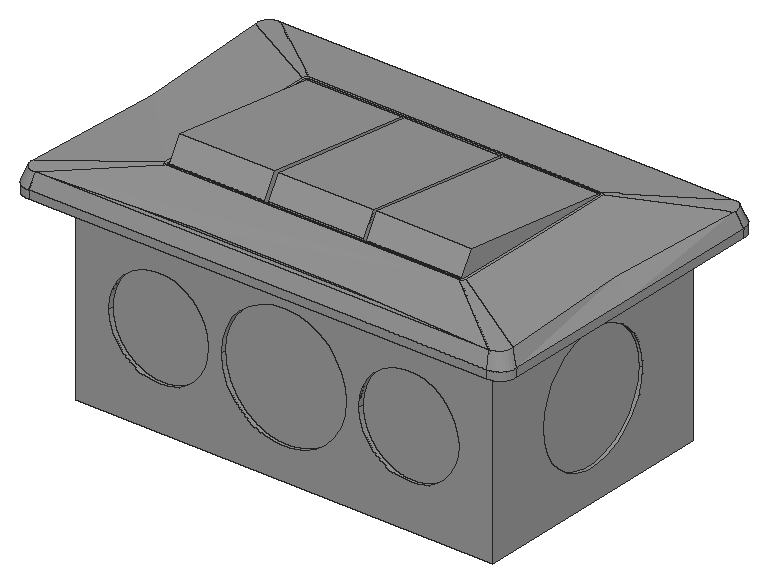
Revit family "PLACA VETO OSLO", category Electrical Fixtures, host Face, Revit 2023 (continued)
Lines and regions (mm)
  model lines, visible <- "TELF ROTESP SIMB COL", not visible, detail levels coarse
    curve 443: line (0, 16.898, 244.879) -> (0, 77.172, 244.879)
    curve 444: line (0, 77.172, 244.879) -> (0, 77.172, 267.732)
    curve 445: line (0, 16.898, 244.879) -> (0, 16.898, 252.414)
    curve 446: line (0, 16.898, 252.414) -> (0, 41.384, 252.414)
    curve 447: line (0, 41.384, 252.414) -> (0, 41.384, 267.732)
    curve 448: line (0, 48.916, 268.916) -> (0, 48.916, 252.414)
    curve 449: line (0, 48.916, 252.414) -> (0, 69.742, 252.414)
    curve 450: line (0, 69.742, 252.414) -> (0, 69.742, 268.916)
    curve 451: spline (0, 77.172, 267.732) -> (0, 76.562, 273.474) -> (0, 74.774, 278.824) -> (0, 71.931, 283.418) -> (0, 68.225, 286.943) -> (0, 63.909, 289.159) -> (0, 59.278, 289.915) -> (0, 54.647, 289.159) -> (0, 50.331, 286.943) -> (0, 46.625, 283.418) -> (0, 43.781, 278.824) -> (0, 41.994, 273.474) -> (0, 41.384, 267.732)
    curve 452: spline (0, 48.916, 268.916) -> (0, 49.271, 272.299) -> (0, 50.311, 275.452) -> (0, 51.966, 278.159) -> (0, 54.123, 280.237) -> (0, 56.634, 281.542) -> (0, 59.329, 281.988) -> (0, 62.024, 281.542) -> (0, 64.535, 280.237) -> (0, 66.692, 278.159) -> (0, 68.347, 275.452) -> (0, 69.387, 272.299) -> (0, 69.742, 268.916)
    curve 453: line (0, 77.172, 191.368) -> (0, 77.172, 238.457)
    curve 454: line (0, 77.172, 238.457) -> (0, 69.637, 238.457)
    curve 455: line (0, 69.637, 238.457) -> (0, 69.637, 218.679)
    curve 456: line (0, 69.637, 218.679) -> (0, 16.898, 218.679)
    curve 457: line (0, 16.898, 218.679) -> (0, 16.898, 211.145)
    curve 458: line (0, 16.898, 211.145) -> (0, 69.637, 211.145)
    curve 459: line (0, 69.637, 211.145) -> (0, 69.637, 191.368)
    curve 460: line (0, 69.637, 191.368) -> (0, 77.172, 191.368)
    curve 469: line (0, -80, 78) -> (0, -80, 158)
    curve 470: line (0, -80, 158) -> (0, 80, 158)
    curve 471: line (0, 80, 158) -> (0, 80, 78)
    curve 472: line (0, 0, 254) -> (0, 0, 158)
  model lines, visible <- "TELF SIMB COL", not visible, detail levels coarse
    curve 461: line (0, -80, 78) -> (0, -80, 158)
    curve 462: line (0, -80, 158) -> (0, 80, 158)
    curve 463: line (0, 80, 158) -> (0, 80, 78)
    curve 464: line (0, 0, 254) -> (0, 0, 158)
  model lines, visible <- "TELFROT SIMB COL", not visible, detail levels coarse
    curve 465: line (0, -80, 78) -> (0, -80, 158)
    curve 466: line (0, -80, 158) -> (0, 80, 158)
    curve 467: line (0, 80, 158) -> (0, 80, 78)
    curve 468: line (0, 0, 254) -> (0, 0, 158)
  model lines, visible <- "TELF SIMB MEX", detail levels coarse
    curve 477: circle (0, 0, 158) r 100 normal (1, 0, 0)
    curve 478: line (0, -69.466, 229.934) -> (0, -69.466, 86.066)
    curve 479: line (0, 100, 158) -> (0, -69.466, 229.934)
    curve 480: line (0, -69.466, 86.066) -> (0, 100, 158)
  model lines, visible <- "TELF SIMB MEX", not visible, detail levels coarse
    curve 481: circle (0, 0, 158) r 100 normal (1, 0, 0)
    curve 482: line (0, -69.466, 229.934) -> (0, -69.466, 86.066)
    curve 483: line (0, 100, 158) -> (0, -69.466, 229.934)
    curve 484: line (0, -69.466, 86.066) -> (0, 100, 158)
  model lines, visible <- "TV SIMB ECU", detail levels coarse
    curve 485: line (0, -80, 238) -> (0, 0, 238)
    curve 486: line (0, 0, 238) -> (0, 0, 78)
    curve 487: line (0, 0, 78) -> (0, -80, 78)
    curve 488: line (0, 0, 158) -> (0, 96, 158)
    curve 489: line (0, 96, 158) -> (0, 96, 238)
  model lines, visible <- "TVROT SIMB ECU", detail levels coarse
    curve 490: line (0, -80, 238) -> (0, 0, 238)
    curve 491: line (0, 0, 238) -> (0, 0, 78)
    curve 492: line (0, 0, 78) -> (0, -80, 78)
    curve 493: line (0, 0, 158) -> (0, 96, 158)
    curve 494: line (0, 96, 158) -> (0, 96, 238)
  model lines, visible <- "TVESP SIMB ECU", detail levels coarse
    curve 495: line (0, -80, 238) -> (0, 0, 238)
    curve 496: line (0, 0, 238) -> (0, 0, 78)
    curve 497: line (0, 0, 78) -> (0, -80, 78)
    curve 498: line (0, 0, 158) -> (0, 96, 158)
    curve 499: line (0, 96, 158) -> (0, 96, 238)
  model lines, visible <- "TV ROTESP SIMB ECU", detail levels coarse
    curve 500: line (0, -80, 238) -> (0, 0, 238)
    curve 501: line (0, 0, 238) -> (0, 0, 78)
    curve 502: line (0, 0, 78) -> (0, -80, 78)
    curve 503: line (0, 0, 158) -> (0, 96, 158)
    curve 504: line (0, 96, 158) -> (0, 96, 238)
  model lines, visible <- "TV SIMB ECU", not visible, detail levels coarse
    curve 505: line (0, 456.935, 200.332) -> (0, 536.935, 200.332)
    curve 506: line (0, 536.935, 200.332) -> (0, 536.935, 40.332)
    curve 507: line (0, 536.935, 40.332) -> (0, 456.935, 40.332)
    curve 508: line (0, 536.935, 120.332) -> (0, 632.935, 120.332)
    curve 509: line (0, 632.935, 120.332) -> (0, 632.935, 200.332)
  model lines, visible <- "TVROT SIMB ECU", not visible, detail levels coarse
    curve 510: line (0, 456.935, 200.332) -> (0, 536.935, 200.332)
    curve 511: line (0, 536.935, 200.332) -> (0, 536.935, 40.332)
    curve 512: line (0, 536.935, 40.332) -> (0, 456.935, 40.332)
    curve 513: line (0, 536.935, 120.332) -> (0, 632.935, 120.332)
    curve 514: line (0, 632.935, 120.332) -> (0, 632.935, 200.332)
  model lines, visible <- "TVESP SIMB ECU", not visible, detail levels coarse
    curve 515: line (0, 456.935, 200.332) -> (0, 536.935, 200.332)
    curve 516: line (0, 536.935, 200.332) -> (0, 536.935, 40.332)
    curve 517: line (0, 536.935, 40.332) -> (0, 456.935, 40.332)
    curve 518: line (0, 536.935, 120.332) -> (0, 632.935, 120.332)
    curve 519: line (0, 632.935, 120.332) -> (0, 632.935, 200.332)
  model lines, visible <- "TV ROTESP SIMB ECU", not visible, detail levels coarse
    curve 520: line (0, 456.935, 200.332) -> (0, 536.935, 200.332)
    curve 521: line (0, 536.935, 200.332) -> (0, 536.935, 40.332)
    curve 522: line (0, 536.935, 40.332) -> (0, 456.935, 40.332)
    curve 523: line (0, 536.935, 120.332) -> (0, 632.935, 120.332)
    curve 524: line (0, 632.935, 120.332) -> (0, 632.935, 200.332)
  model lines, visible <- "SIMB CAJA MEX", detail levels coarse
    curve 525: line (0, -100, 228) -> (0, 100, 228)
    curve 526: line (0, -100, 88) -> (0, -100, 228)
    curve 527: line (0, 100, 88) -> (0, -100, 88)
    curve 528: line (0, 100, 228) -> (0, 100, 88)
    curve 529: line (0, -100, 228) -> (0, 100, 88)
    curve 530: line (0, 100, 228) -> (0, -100, 88)
  model lines, visible <- "SIMB CAJA", detail levels coarse
    curve 531: circle (0, 0, 158) r 100 normal (1, 0, 0)
    curve 532: circle (0, 0, 158) r 30 normal (1, 0, 0)
  model lines, visible <- "SIMB CAJA MEX", not visible, detail levels coarse
    curve 533: line (0, -100, 228) -> (0, 100, 228)
    curve 534: line (0, -100, 88) -> (0, -100, 228)
    curve 535: line (0, 100, 88) -> (0, -100, 88)
    curve 536: line (0, 100, 228) -> (0, 100, 88)
    curve 537: line (0, -100, 228) -> (0, 100, 88)
    curve 538: line (0, 100, 228) -> (0, -100, 88)
  model lines, visible <- "SIMB CAJA", not visible, detail levels coarse
    curve 539: circle (0, 0, 158) r 100 normal (1, 0, 0)
    curve 540: circle (0, 0, 158) r 30 normal (1, 0, 0)
  model lines, visible <- "TV SIMB COL", detail levels coarse
    curve 541: line (0, -80, 75.811) -> (0, -80, 155.811)
    curve 542: line (0, -80, 155.811) -> (0, 80, 155.811)
    curve 543: line (0, 80, 155.811) -> (0, 80, 75.811)
    curve 544: line (0, 0, 251.811) -> (0, 0, 155.811)
  model lines, visible <- "TVROT SIMB COL", detail levels coarse
    curve 545: line (0, -80, 75.811) -> (0, -80, 155.811)
    curve 546: line (0, -80, 155.811) -> (0, 80, 155.811)
    curve 547: line (0, 80, 155.811) -> (0, 80, 75.811)
    curve 548: line (0, 0, 251.811) -> (0, 0, 155.811)
  model lines, visible <- "TVESP SIMB COL", detail levels coarse
    curve 549: line (0, -80, 75.811) -> (0, -80, 155.811)
    curve 550: line (0, -80, 155.811) -> (0, 80, 155.811)
    curve 551: line (0, 80, 155.811) -> (0, 80, 75.811)
    curve 552: line (0, 0, 251.811) -> (0, 0, 155.811)
  model lines, visible <- "TV ROTESP SIMB COL", detail levels coarse
    curve 553: line (0, -80, 75.811) -> (0, -80, 155.811)
    curve 554: line (0, -80, 155.811) -> (0, 80, 155.811)
    curve 555: line (0, 80, 155.811) -> (0, 80, 75.811)
    curve 556: line (0, 0, 251.811) -> (0, 0, 155.811)
  model lines, visible <- "TV SIMB MEX", detail levels coarse
    curve 557: circle (0, 0, 158) r 100 normal (1, 0, 0)
  model lines, visible <- "TV SIMB COL", not visible, detail levels coarse
    curve 558: line (0, 298.25, 78) -> (0, 298.25, 158)
    curve 559: line (0, 298.25, 158) -> (0, 458.25, 158)
    curve 560: line (0, 458.25, 158) -> (0, 458.25, 78)
    curve 561: line (0, 378.25, 254) -> (0, 378.25, 158)
  model lines, visible <- "TVROT SIMB COL", not visible, detail levels coarse
    curve 562: line (0, 298.25, 78) -> (0, 298.25, 158)
    curve 563: line (0, 298.25, 158) -> (0, 458.25, 158)
    curve 564: line (0, 458.25, 158) -> (0, 458.25, 78)
    curve 565: line (0, 378.25, 254) -> (0, 378.25, 158)
  model lines, visible <- "TVESP SIMB COL", not visible, detail levels coarse
    curve 566: line (0, 298.25, 78) -> (0, 298.25, 158)
    curve 567: line (0, 298.25, 158) -> (0, 458.25, 158)
    curve 568: line (0, 458.25, 158) -> (0, 458.25, 78)
    curve 569: line (0, 378.25, 254) -> (0, 378.25, 158)
  model lines, visible <- "TV ROTESP SIMB COL", not visible, detail levels coarse
    curve 570: line (0, 298.25, 78) -> (0, 298.25, 158)
    curve 571: line (0, 298.25, 158) -> (0, 458.25, 158)
    curve 572: line (0, 458.25, 158) -> (0, 458.25, 78)
    curve 573: line (0, 378.25, 254) -> (0, 378.25, 158)
  model lines, visible <- "TVROT SIMB MEX", detail levels coarse
    curve 574: circle (0, 0, 158) r 100 normal (1, 0, 0)
  model lines, visible <- "TVESP SIMB MEX", detail levels coarse
    curve 575: circle (0, 0, 158) r 100 normal (1, 0, 0)
  model lines, visible <- "TV ROTESP SIMB MEX", detail levels coarse
    curve 576: circle (0, 0, 158) r 100 normal (1, 0, 0)
  model lines, visible <- "TV SIMB MEX", not visible, detail levels coarse
    curve 577: circle (0, 942.25, 158) r 100 normal (1, 0, 0)
  model lines, visible <- "TVROT SIMB MEX", not visible, detail levels coarse
    curve 578: circle (0, 942.25, 158) r 100 normal (1, 0, 0)
  model lines, visible <- "TVESP SIMB MEX", not visible, detail levels coarse
    curve 579: circle (0, 942.25, 158) r 100 normal (1, 0, 0)
  model lines, visible <- "TV ROTESP SIMB MEX", not visible, detail levels coarse
    curve 580: circle (0, 942.25, 158) r 100 normal (1, 0, 0)
Dimensions and locks
  "CAJETIN - LONGITUD": plane 4 to plane 5
  "CAJETIN - ESPESOR": plane 12 to plane 6
  "CAJETIN - ESPESOR": plane 4 to plane 11
  "CAJETIN - ESPESOR": plane 7 to plane 9
  "CAJETIN - ESPESOR": plane 8 to plane 13
  equal spacing: plane 21, plane 3 "Center (Left/Right)", plane 22
  equal spacing: plane 23, plane 1 "Center (Front/Back)", plane 24
  "PLACA - ANCHO": plane 23 to plane 24
  "PLACA - LONGITUD": plane 21 to plane 22
  equal spacing: plane 28, plane 3 "Center (Left/Right)", plane 27
  equal spacing: plane 26, plane 1 "Center (Front/Back)", plane 29
  equal spacing: plane 7, plane 1 "Center (Front/Back)", plane 6
  equal spacing: plane 4, plane 3 "Center (Left/Right)", plane 5
  equal spacing: plane 31, plane 1 "Center (Front/Back)", plane 32
  equal spacing: plane 34, plane 3 "Center (Left/Right)", plane 33
  "ABERTURA - LONGITUD": plane 34 to plane 33
  "ABERTURA - ANCHO": plane 31 to plane 32
  equal spacing: plane 35, plane 1 "Center (Front/Back)", plane 36
  equal spacing: plane 39, plane 3 "Center (Left/Right)", plane 40
  "PLACA - ESPESOR": plane 2 to plane 41
  "OFFSET_1": plane 23 to plane 26
  "OFFSET_1": plane 21 to plane 28
  "OFFSET": plane 33 to plane 40
  "OFFSET": plane 35 to plane 31
  "SEP": Extrusion 10 sketch curve to Extrusion 10 sketch curve  (x2)
  equal spacing: plane 10, plane 17, plane 5
  equal spacing: plane 4, plane 18, plane 11
  "CAJETIN - ESPESOR": plane 10 to plane 5
  equal spacing: plane 12, plane 14, plane 6
  equal spacing: plane 7, plane 19, plane 9
  "CAJETIN - ANCHO": plane 7 to plane 6
  equal spacing: plane 43, plane 3 "Center (Left/Right)", plane 42
  "SEP": plane 3 "Center (Left/Right)" to plane 42
  equal spacing: plane 8, plane 20, plane 13
  "CAJETIN - PROFUNDIDAD": plane 8 to plane 2
  equal spacing: plane 8, plane 16, plane 2
  equal spacing: plane 45, plane 3 "Center (Left/Right)", plane 44
  equal spacing: plane 33, plane 3 "Center (Left/Right)", plane 34
  equal spacing: plane 47 "Plano3", plane 3 "Center (Left/Right)", plane 46 "Plano2"
  equal spacing: plane 49, plane 1 "Center (Front/Back)", plane 50
  equal spacing: plane 54, plane 1 "Center (Front/Back)", plane 53
  equal spacing: plane 55, plane 3 "Center (Left/Right)", plane 52
  curve 270 to plane 1 "Center (Front/Back)" = 96.0 mm
  "OFFSET_3": plane 26 to Blend 8 sketch curve
  "OFFSET_3": Blend 8 sketch curve to plane 27
  "OFFSET_3": Blend 8 sketch curve to plane 29
  "OFFSET_3": plane 28 to Blend 8 sketch curve
  "ESPESOR_1": plane 25 to plane 2
  "ESPESOR_2": plane 30 "PLANO 1" to plane 25
  "OFFSET_3": plane 26 to Blend 11 sketch curve
  "OFFSET_3": plane 28 to Blend 11 sketch curve
  "OFFSET_3": Blend 11 sketch curve to plane 29
  "OFFSET_3": Blend 11 sketch curve to plane 27
  "R_C_1/2": radius of Extrusion 2 sketch curve  (x2)
  "R_C_3/4": radius of Extrusion 2 sketch curve
  "R_C_3/4": radius of Extrusion 5 sketch curve
  "RADIO_1": radius of Extrusion 7 sketch curve  (x4)
  "RADIO_1": radius of Blend 8 sketch curve  (x4)
  "R_C_3/4": radius of Extrusion 3 sketch curve
  "R_C_1/2": radius of Extrusion 3 sketch curve  (x2)
  "R_C_3/4": radius of Extrusion 6 sketch curve
  "RADIO_3": radius of Extrusion 9 sketch curve  (x4)
  "RADIO_4": radius of Blend 8 sketch curve  (x4)
  "RADIO_4": radius of Blend 11 sketch curve  (x4)
  "RADIO_2": radius of Blend 11 sketch curve  (x4)
  "RADIO_1": radius of Extrusion 12 sketch curve  (x4)
  "RADIO_1": radius of Blend 13 sketch curve  (x4)
  "RADIO_4": radius of Blend 13 sketch curve  (x4)
  "RADIO_4": radius of Blend 14 sketch curve  (x4)
  "RADIO_2": radius of Blend 14 sketch curve  (x4)
  locked: plane 51 to plane 56 (angle 90.00°)
  locked: plane 48 to plane 51 (angle 40.00°)
  aligned and locked: plane 2 to host face
  aligned and locked: level to host face
  aligned and locked: plane 7 to Extrusion 1
  aligned and locked: plane 5 to Extrusion 1
  aligned and locked: Extrusion 1 to plane 6
  aligned and locked: Extrusion 1 to plane 4
  aligned and locked: plane 8 to Extrusion 1
  aligned and locked: plane 11 to Extrusion 4 sketch curve
  aligned and locked: Extrusion 4 sketch curve to plane 10
  aligned and locked: Extrusion 4 sketch curve to plane 9
  aligned and locked: plane 12 to Extrusion 4 sketch curve
  aligned and locked: cut or joined group of Extrusion 1, Extrusion 2, Extrusion 3, Extrusion 4, Extrusion 5, Extrusion 6, Extrusion 10 to plane 13
  aligned and locked: host face to cut or joined group of Extrusion 1, Extrusion 2, Extrusion 3, Extrusion 4, Extrusion 5, Extrusion 6, Extrusion 10
  aligned and locked: plane 16 to Extrusion 5 sketch curve
  aligned and locked: plane 1 "Center (Front/Back)" to Extrusion 5 sketch curve
  aligned and locked: plane 5 to Extrusion 5
  aligned and locked: cut or joined group of Extrusion 1, Extrusion 2, Extrusion 3, Extrusion 4, Extrusion 5, Extrusion 6, Extrusion 10 to plane 17
  aligned and locked: plane 14 to cut or joined group of Extrusion 1, Extrusion 2, Extrusion 3, Extrusion 4, Extrusion 5, Extrusion 6, Extrusion 10
  aligned and locked: plane 18 to cut or joined group of Extrusion 1, Extrusion 2, Extrusion 3, Extrusion 4, Extrusion 5, Extrusion 6, Extrusion 10
  aligned and locked: cut or joined group of Extrusion 1, Extrusion 2, Extrusion 3, Extrusion 4, Extrusion 5, Extrusion 6, Extrusion 10 to plane 19
  aligned and locked: Extrusion 7 sketch curve to plane 23
  aligned and locked: plane 21 to Extrusion 7 sketch curve
  aligned and locked: plane 24 to Extrusion 7 sketch curve
  aligned and locked: Extrusion 7 sketch curve to plane 22
  aligned and locked: Extrusion 7 to plane 2
  aligned and locked: plane 25 to Extrusion 7
  aligned and locked: Blend 8 sketch curve to Extrusion 7  (x4)
  aligned and locked: plane 30 "PLANO 1" to Blend 8
  aligned and locked: Blend 8 to Extrusion 7
  aligned and locked: Extrusion 9 sketch curve to plane 31
  aligned and locked: plane 34 to Extrusion 9 sketch curve
  aligned and locked: plane 32 to Extrusion 9 sketch curve
  aligned and locked: Extrusion 9 sketch curve to plane 33
  aligned and locked: plane 3 "Center (Left/Right)" to nested 3
  aligned and locked: Extrusion 10 to plane 8
  aligned and locked: plane 20 to Extrusion 10
  aligned and locked: nested 3 to Extrusion 10 sketch curve  (x4)
  aligned and locked: cut or joined group of Extrusion 1, Extrusion 2, Extrusion 3, Extrusion 4, Extrusion 5, Extrusion 6, Extrusion 10 to plane 4
  aligned and locked: plane 7 to cut or joined group of Extrusion 1, Extrusion 2, Extrusion 3, Extrusion 4, Extrusion 5, Extrusion 6, Extrusion 10
  aligned and locked: cut or joined group of Extrusion 1, Extrusion 2, Extrusion 3, Extrusion 4, Extrusion 5, Extrusion 6, Extrusion 10 to plane 6
  aligned and locked: plane 3 "Center (Left/Right)" to Extrusion 3 sketch curve
  aligned and locked: plane 16 to Extrusion 3 sketch curve  (x3)
  aligned and locked: plane 16 to Extrusion 2 sketch curve  (x3)
  aligned and locked: plane 3 "Center (Left/Right)" to Extrusion 2 sketch curve
  aligned and locked: plane 42 to Extrusion 3 sketch curve
  aligned and locked: plane 43 to Extrusion 3 sketch curve
  aligned and locked: plane 42 to Extrusion 2 sketch curve
  aligned and locked: plane 43 to Extrusion 2 sketch curve
  aligned and locked: plane 3 "Center (Left/Right)" to nested 4
  aligned and locked: plane 1 "Center (Front/Back)" to nested 4
  aligned and locked: plane 2 to nested 4
  aligned and locked: plane 3 "Center (Left/Right)" to nested 5
  aligned and locked: plane 1 "Center (Front/Back)" to nested 5
  aligned and locked: plane 2 to nested 5
  aligned and locked: plane 1 "Center (Front/Back)" to nested 6
  aligned and locked: plane 1 "Center (Front/Back)" to nested 9
  aligned and locked: plane 1 "Center (Front/Back)" to nested 8
  aligned and locked: plane 1 "Center (Front/Back)" to nested 7
  aligned and locked: plane 3 "Center (Left/Right)" to nested 8
  aligned and locked: nested 7 to plane 45
  aligned and locked: plane 44 to nested 9
  aligned and locked: nested 10 to plane 45
  aligned and locked: plane 44 to nested 11
  aligned and locked: plane 1 "Center (Front/Back)" to nested 10
  aligned and locked: plane 1 "Center (Front/Back)" to nested 11
  aligned and locked: plane 3 "Center (Left/Right)" to nested 12
  aligned and locked: plane 1 "Center (Front/Back)" to nested 12
  aligned and locked: plane 1 "Center (Front/Back)" to nested 13
  aligned and locked: plane 47 "Plano3" to nested 16
  aligned and locked: plane 46 "Plano2" to nested 15
  aligned and locked: plane 50 to nested 14
  aligned and locked: plane 49 to nested 18
  aligned and locked: nested 18 to plane 48
  aligned and locked: nested 14 to plane 48
  aligned and locked: plane 48 to nested 25
  aligned and locked: plane 46 "Plano2" to nested 25
  aligned and locked: plane 48 to nested 26
  aligned and locked: plane 47 "Plano3" to nested 26
  aligned and locked: plane 3 "Center (Left/Right)" to nested 27
  aligned and locked: plane 48 to nested 27
  aligned and locked: plane 48 to nested 24
  aligned and locked: plane 3 "Center (Left/Right)" to nested 24
  aligned and locked: plane 3 "Center (Left/Right)" to nested 23
  aligned and locked: plane 3 "Center (Left/Right)" to nested 22
  aligned and locked: plane 48 to nested 22
  aligned and locked: plane 48 to nested 23
  aligned and locked: nested 17 to plane 48
  aligned and locked: nested 17 to plane 1 "Center (Front/Back)"
  aligned and locked: plane 1 "Center (Front/Back)" to nested 28
  aligned and locked: plane 3 "Center (Left/Right)" to nested 29
  aligned and locked: plane 1 "Center (Front/Back)" to nested 29
  aligned and locked: nested 30 to plane 48
  aligned and locked: nested 32 to plane 48
  aligned and locked: plane 3 "Center (Left/Right)" to nested 31
  aligned and locked: nested 31 to plane 48
  aligned and locked: plane 52 to nested 28
  aligned and locked: plane 52 to nested 30
  aligned and locked: nested 35 to plane 48
  aligned and locked: nested 33 to plane 48
  aligned and locked: nested 34 to plane 1 "Center (Front/Back)"
  aligned and locked: nested 34 to plane 48
  aligned and locked: nested 35 to plane 54
  aligned and locked: nested 33 to plane 53
  aligned and locked: plane 3 "Center (Left/Right)" to nested 36
  aligned and locked: plane 1 "Center (Front/Back)" to nested 36
  aligned and locked: plane 3 "Center (Left/Right)" to nested 37
  aligned and locked: nested 37 to plane 48
  aligned and locked: plane 1 "Center (Front/Back)" to nested 38
  aligned and locked: plane 48 to nested 38
  aligned and locked: plane 1 "Center (Front/Back)" to nested 40
  aligned and locked: plane 1 "Center (Front/Back)" to nested 44
  aligned and locked: plane 1 "Center (Front/Back)" to nested 39
  aligned and locked: plane 1 "Center (Front/Back)" to nested 43
  aligned and locked: plane 3 "Center (Left/Right)" to nested 42
  aligned and locked: plane 3 "Center (Left/Right)" to nested 41
  aligned and locked: plane 1 "Center (Front/Back)" to nested 41
  aligned and locked: plane 1 "Center (Front/Back)" to nested 42
  aligned and locked: plane 47 "Plano3" to nested 40
  aligned and locked: plane 47 "Plano3" to nested 44
  aligned and locked: plane 46 "Plano2" to nested 39
  aligned and locked: plane 46 "Plano2" to nested 43
  aligned and locked: nested 45 to plane 3 "Center (Left/Right)"
  aligned and locked: nested 49 to plane 3 "Center (Left/Right)"
  aligned and locked: plane 48 to nested 47
  aligned and locked: plane 48 to nested 50
  aligned and locked: plane 48 to nested 46
  aligned and locked: plane 48 to nested 48
  aligned and locked: plane 48 to nested 49
  aligned and locked: plane 48 to nested 45
  aligned and locked: nested 47 to plane 46 "Plano2"
  aligned and locked: nested 50 to plane 46 "Plano2"
  aligned and locked: nested 46 to plane 47 "Plano3"
  aligned and locked: nested 48 to plane 47 "Plano3"
  aligned and locked: nested 52 to plane 48
  aligned and locked: nested 55 to plane 48
  aligned and locked: nested 54 to plane 48
  aligned and locked: nested 51 to plane 48
  aligned and locked: nested 56 to plane 1 "Center (Front/Back)"
  aligned and locked: nested 53 to plane 1 "Center (Front/Back)"
  aligned and locked: nested 56 to plane 48
  aligned and locked: nested 53 to plane 48
  aligned and locked: plane 50 to nested 54
  aligned and locked: plane 50 to nested 51
  aligned and locked: plane 49 to nested 55
  aligned and locked: plane 49 to nested 52
  aligned and locked: plane 1 "Center (Front/Back)" to nested 57
  aligned and locked: plane 3 "Center (Left/Right)" to nested 57
  aligned and locked: nested 58 to plane 1 "Center (Front/Back)"
  aligned and locked: nested 58 to plane 48
  aligned and locked: nested 59 to plane 3 "Center (Left/Right)"
  aligned and locked: plane 48 to nested 59
  aligned and locked: plane 1 "Center (Front/Back)" to nested 60
  aligned and locked: plane 3 "Center (Left/Right)" to nested 60
  aligned and locked: plane 2 to nested 60
  aligned and locked: plane 1 "Center (Front/Back)" to nested 61
  aligned and locked: plane 3 "Center (Left/Right)" to nested 61
  aligned and locked: nested 63 to plane 48
  aligned and locked: plane 3 "Center (Left/Right)" to nested 63
  aligned and locked: plane 3 "Center (Left/Right)" to nested 64
  aligned and locked: nested 66 to plane 48
  aligned and locked: plane 1 "Center (Front/Back)" to nested 66
  aligned and locked: plane 48 to nested 65
  aligned and locked: plane 1 "Center (Front/Back)" to nested 67
  aligned and locked: plane 45 to nested 67
  aligned and locked: plane 1 "Center (Front/Back)" to nested 62
  aligned and locked: plane 3 "Center (Left/Right)" to nested 62
  aligned and locked: plane 3 "Center (Left/Right)" to nested 68
  aligned and locked: plane 1 "Center (Front/Back)" to nested 68
  aligned and locked: plane 55 to nested 69
  aligned and locked: plane 1 "Center (Front/Back)" to nested 69
  aligned and locked: plane 1 "Center (Front/Back)" to nested 71
  aligned and locked: plane 1 "Center (Front/Back)" to nested 72
  aligned and locked: plane 1 "Center (Front/Back)" to nested 70
  aligned and locked: plane 3 "Center (Left/Right)" to nested 72
  aligned and locked: plane 3 "Center (Left/Right)" to nested 71
  aligned and locked: plane 3 "Center (Left/Right)" to nested 70
  aligned and locked: nested 73 to plane 48
  aligned and locked: nested 74 to plane 48
  aligned and locked: nested 75 to plane 48
  aligned and locked: plane 3 "Center (Left/Right)" to nested 73
  aligned and locked: plane 3 "Center (Left/Right)" to nested 75
  aligned and locked: plane 3 "Center (Left/Right)" to nested 74
  aligned and locked: plane 3 "Center (Left/Right)" to nested 79
  aligned and locked: plane 1 "Center (Front/Back)" to nested 79
  aligned and locked: nested 80 to plane 48
  aligned and locked: plane 3 "Center (Left/Right)" to nested 80
  aligned and locked: nested 81 to plane 48
  aligned and locked: plane 1 "Center (Front/Back)" to nested 81
  aligned and locked: plane 46 "Plano2" to nested 82
  aligned and locked: plane 1 "Center (Front/Back)" to nested 82
  aligned and locked: plane 47 "Plano3" to nested 83
  aligned and locked: plane 48 to nested 83
  aligned and locked: plane 50 to nested 84
  aligned and locked: nested 84 to plane 48
  aligned and locked: plane 1 "Center (Front/Back)" to nested 85
  aligned and locked: plane 1 "Center (Front/Back)" to nested 86
  aligned and locked: plane 1 "Center (Front/Back)" to nested 87
  aligned and locked: plane 1 "Center (Front/Back)" to nested 88
  aligned and locked: plane 3 "Center (Left/Right)" to nested 85
  aligned and locked: plane 3 "Center (Left/Right)" to nested 87
  aligned and locked: plane 3 "Center (Left/Right)" to nested 86
  aligned and locked: plane 3 "Center (Left/Right)" to nested 88
  aligned and locked: nested 89 to plane 48
  aligned and locked: nested 90 to plane 48
  aligned and locked: nested 91 to plane 48
  aligned and locked: nested 92 to plane 48
  aligned and locked: plane 3 "Center (Left/Right)" to nested 89
  aligned and locked: plane 3 "Center (Left/Right)" to nested 90
  aligned and locked: plane 3 "Center (Left/Right)" to nested 91
  aligned and locked: plane 3 "Center (Left/Right)" to nested 92
  aligned and locked: nested 96 to plane 48
  aligned and locked: plane 1 "Center (Front/Back)" to nested 93
  aligned and locked: plane 1 "Center (Front/Back)" to nested 95
  aligned and locked: plane 1 "Center (Front/Back)" to nested 94
  aligned and locked: nested 93 to plane 48
  aligned and locked: nested 95 to plane 48
  aligned and locked: nested 94 to plane 48
  aligned and locked: plane 3 "Center (Left/Right)" to nested 98
  aligned and locked: plane 1 "Center (Front/Back)" to nested 97
  aligned and locked: plane 3 "Center (Left/Right)" to nested 97
  aligned and locked: plane 1 "Center (Front/Back)" to nested 98
  aligned and locked: nested 99 to plane 48
  aligned and locked: nested 100 to plane 48
  aligned and locked: plane 1 "Center (Front/Back)" to nested 100
  aligned and locked: plane 1 "Center (Front/Back)" to nested 99
  aligned and locked: plane 1 "Center (Front/Back)" to nested 101
  aligned and locked: plane 3 "Center (Left/Right)" to nested 101
  aligned and locked: nested 102 to plane 48
  aligned and locked: plane 1 "Center (Front/Back)" to nested 102
  aligned and locked: nested 65 to plane 1 "Center (Front/Back)"
  aligned and locked: plane 3 "Center (Left/Right)" to nested 103
  aligned and locked: plane 3 "Center (Left/Right)" to nested 105
  aligned and locked: plane 1 "Center (Front/Back)" to nested 104
  aligned and locked: plane 3 "Center (Left/Right)" to nested 104
  aligned and locked: plane 1 "Center (Front/Back)" to nested 103
  aligned and locked: plane 1 "Center (Front/Back)" to nested 105
  aligned and locked: plane 3 "Center (Left/Right)" to nested 106
  aligned and locked: plane 1 "Center (Front/Back)" to nested 106
  aligned and locked: nested 107 to plane 48
  aligned and locked: nested 107 to plane 1 "Center (Front/Back)"
  aligned and locked: plane 3 "Center (Left/Right)" to nested 108
  aligned and locked: nested 108 to plane 48
  aligned and locked: plane 1 "Center (Front/Back)" to nested 109
  aligned and locked: plane 3 "Center (Left/Right)" to nested 109
  aligned and locked: nested 112 to plane 48
  aligned and locked: nested 110 to plane 48
  aligned and locked: nested 111 to plane 48
  aligned and locked: nested 113 to plane 48
  aligned and locked: nested 114 to plane 48
  aligned and locked: plane 1 "Center (Front/Back)" to nested 112
  aligned and locked: nested 113 to plane 1 "Center (Front/Back)"
  aligned and locked: plane 1 "Center (Front/Back)" to nested 110
  aligned and locked: nested 111 to plane 1 "Center (Front/Back)"
  aligned and locked: plane 1 "Center (Front/Back)" to nested 114
  aligned and locked: plane 3 "Center (Left/Right)" to nested 115
  aligned and locked: nested 115 to plane 48
  aligned and locked: nested 117 to plane 48
  aligned and locked: nested 116 to plane 48
  aligned and locked: plane 1 "Center (Front/Back)" to nested 116
  aligned and locked: nested 117 to plane 1 "Center (Front/Back)"
  aligned and locked: nested 118 to plane 48
  aligned and locked: nested 119 to plane 48
  aligned and locked: plane 1 "Center (Front/Back)" to nested 119
  aligned and locked: nested 118 to plane 1 "Center (Front/Back)"
  aligned and locked: nested 78 to plane 1 "Center (Front/Back)"
  aligned and locked: nested 77 to plane 1 "Center (Front/Back)"
  aligned and locked: nested 76 to plane 1 "Center (Front/Back)"
  aligned and locked: nested 77 to plane 48
  aligned and locked: nested 78 to plane 48
  aligned and locked: nested 76 to plane 48
  aligned and locked: plane 1 "Center (Front/Back)" to nested 136
  aligned and locked: nested 140 to plane 1 "Center (Front/Back)"
  aligned and locked: plane 1 "Center (Front/Back)" to nested 132
  aligned and locked: nested 139 to plane 1 "Center (Front/Back)"
  aligned and locked: nested 134 to plane 1 "Center (Front/Back)"
  aligned and locked: plane 1 "Center (Front/Back)" to nested 138
  aligned and locked: nested 136 to plane 48
  aligned and locked: nested 132 to plane 48
  aligned and locked: nested 134 to plane 48
  aligned and locked: nested 140 to plane 48
  aligned and locked: nested 139 to plane 48
  aligned and locked: nested 138 to plane 48
  aligned and locked: nested 133 to plane 48
  aligned and locked: nested 135 to plane 48
  aligned and locked: nested 137 to plane 48
  aligned and locked: plane 1 "Center (Front/Back)" to nested 137
  aligned and locked: plane 1 "Center (Front/Back)" to nested 133
  aligned and locked: nested 135 to plane 1 "Center (Front/Back)"
  aligned and locked: nested 142 to plane 48
  aligned and locked: nested 141 to plane 1 "Center (Front/Back)"
  aligned and locked: nested 143 to plane 1 "Center (Front/Back)"
  aligned and locked: nested 143 to plane 48
  aligned and locked: nested 141 to plane 48
  aligned and locked: plane 1 "Center (Front/Back)" to nested 142
  aligned and locked: plane 1 "Center (Front/Back)" to nested 130
  aligned and locked: plane 1 "Center (Front/Back)" to nested 127
  aligned and locked: plane 1 "Center (Front/Back)" to nested 124
  aligned and locked: plane 1 "Center (Front/Back)" to nested 121
  aligned and locked: plane 1 "Center (Front/Back)" to nested 129
  aligned and locked: plane 1 "Center (Front/Back)" to nested 126
  aligned and locked: plane 1 "Center (Front/Back)" to nested 123
  aligned and locked: plane 1 "Center (Front/Back)" to nested 120
  aligned and locked: plane 3 "Center (Left/Right)" to nested 131
  aligned and locked: plane 3 "Center (Left/Right)" to nested 128
  aligned and locked: plane 3 "Center (Left/Right)" to nested 125
  aligned and locked: plane 3 "Center (Left/Right)" to nested 122
  aligned and locked: plane 1 "Center (Front/Back)" to nested 131
  aligned and locked: plane 1 "Center (Front/Back)" to nested 128
  aligned and locked: plane 1 "Center (Front/Back)" to nested 125
  aligned and locked: plane 1 "Center (Front/Back)" to nested 122
  aligned and locked: plane 3 "Center (Left/Right)" to nested 129
  aligned and locked: plane 3 "Center (Left/Right)" to nested 126
  aligned and locked: plane 3 "Center (Left/Right)" to nested 123
  aligned and locked: plane 3 "Center (Left/Right)" to nested 120
  aligned and locked: plane 3 "Center (Left/Right)" to nested 130
  aligned and locked: plane 3 "Center (Left/Right)" to nested 127
  aligned and locked: plane 3 "Center (Left/Right)" to nested 124
  aligned and locked: plane 3 "Center (Left/Right)" to nested 121
  aligned and locked: plane 1 "Center (Front/Back)" to nested 144
  aligned and locked: plane 3 "Center (Left/Right)" to nested 144
  aligned and locked: plane 1 "Center (Front/Back)" to nested 145
  aligned and locked: plane 3 "Center (Left/Right)" to nested 145
  aligned and locked: nested 147 to plane 48
  aligned and locked: plane 3 "Center (Left/Right)" to nested 147
  aligned and locked: nested 146 to plane 48
  aligned and locked: plane 3 "Center (Left/Right)" to nested 146
  aligned and locked: nested 149 to plane 1 "Center (Front/Back)"
  aligned and locked: nested 149 to plane 48
  aligned and locked: nested 148 to plane 48
  aligned and locked: nested 148 to plane 1 "Center (Front/Back)"
  aligned and locked: plane 3 "Center (Left/Right)" to nested 154
  aligned and locked: nested 158 to plane 3 "Center (Left/Right)"
  aligned and locked: plane 3 "Center (Left/Right)" to nested 155
  aligned and locked: nested 163 to plane 3 "Center (Left/Right)"
  aligned and locked: nested 154 to plane 48
  aligned and locked: nested 158 to plane 48
  aligned and locked: nested 155 to plane 48
  aligned and locked: nested 163 to plane 48
  aligned and locked: plane 3 "Center (Left/Right)" to nested 150
  aligned and locked: nested 160 to plane 3 "Center (Left/Right)"
  aligned and locked: plane 3 "Center (Left/Right)" to nested 151
  aligned and locked: nested 165 to plane 3 "Center (Left/Right)"
  aligned and locked: nested 150 to plane 48
  aligned and locked: nested 160 to plane 48
  aligned and locked: nested 151 to plane 48
  aligned and locked: nested 165 to plane 48
  aligned and locked: plane 3 "Center (Left/Right)" to nested 152
  aligned and locked: nested 161 to plane 3 "Center (Left/Right)"
  aligned and locked: plane 3 "Center (Left/Right)" to nested 153
  aligned and locked: nested 164 to plane 3 "Center (Left/Right)"
  aligned and locked: nested 152 to plane 48
  aligned and locked: nested 161 to plane 48
  aligned and locked: nested 153 to plane 48
  aligned and locked: nested 164 to plane 48
  aligned and locked: plane 3 "Center (Left/Right)" to nested 156
  aligned and locked: nested 159 to plane 3 "Center (Left/Right)"
  aligned and locked: plane 3 "Center (Left/Right)" to nested 157
  aligned and locked: nested 162 to plane 3 "Center (Left/Right)"
  aligned and locked: plane 48 to nested 162
  aligned and locked: plane 48 to nested 157
  aligned and locked: plane 48 to nested 159
  aligned and locked: plane 48 to nested 156
  aligned and locked: plane 3 "Center (Left/Right)" to nested 166
  aligned and locked: nested 168 to plane 3 "Center (Left/Right)"
  aligned and locked: plane 3 "Center (Left/Right)" to nested 167
  aligned and locked: nested 169 to plane 3 "Center (Left/Right)"
  aligned and locked: nested 169 to plane 48
  aligned and locked: nested 167 to plane 48
  aligned and locked: nested 168 to plane 48
  aligned and locked: nested 166 to plane 48
  aligned and locked: plane 3 "Center (Left/Right)" to nested 174
  aligned and locked: plane 3 "Center (Left/Right)" to nested 175
  aligned and locked: plane 3 "Center (Left/Right)" to nested 176
  aligned and locked: plane 3 "Center (Left/Right)" to nested 177
  aligned and locked: nested 174 to plane 1 "Center (Front/Back)"
  aligned and locked: nested 175 to plane 1 "Center (Front/Back)"
  aligned and locked: nested 176 to plane 1 "Center (Front/Back)"
  aligned and locked: nested 177 to plane 1 "Center (Front/Back)"
  aligned and locked: plane 1 "Center (Front/Back)" to nested 171
  aligned and locked: plane 1 "Center (Front/Back)" to nested 170
  aligned and locked: plane 1 "Center (Front/Back)" to nested 172
  aligned and locked: plane 1 "Center (Front/Back)" to nested 173
  aligned and locked: plane 3 "Center (Left/Right)" to nested 173
  aligned and locked: plane 3 "Center (Left/Right)" to nested 172
  aligned and locked: plane 3 "Center (Left/Right)" to nested 171
  aligned and locked: plane 3 "Center (Left/Right)" to nested 170
  aligned and locked: plane 1 "Center (Front/Back)" to curve 556
  aligned and locked: text3d elem to plane 48
  aligned and locked: curve 554 to plane 48
  aligned and locked: nested 178 to plane 48
  aligned and locked: nested 178 to plane 3 "Center (Left/Right)"
  aligned and locked: nested 179 to plane 48
  aligned and locked: nested 179 to plane 3 "Center (Left/Right)"
  aligned and locked: nested 180 to plane 48
  aligned and locked: nested 180 to plane 3 "Center (Left/Right)"
  aligned and locked: plane 3 "Center (Left/Right)" to nested 6
  aligned and locked: plane 39 to Blend 11 sketch curve
  aligned and locked: plane 35 to Blend 11 sketch curve
  aligned and locked: Blend 11 sketch curve to plane 40
  aligned and locked: Blend 11 sketch curve to plane 36
  aligned and locked: Blend 11 to plane 30 "PLANO 1"
  aligned and locked: plane 41 to Blend 11
  aligned and locked: Blend 13 sketch curve to Extrusion 12  (x4)
  aligned and locked: Blend 13 to Extrusion 12
  aligned and locked: plane 41 to nested 7
  aligned and locked: plane 41 to nested 12
  aligned and locked: plane 41 to nested 11
  aligned and locked: plane 41 to nested 9
  aligned and locked: plane 41 to nested 8
  aligned and locked: plane 41 to nested 10
  aligned and locked: nested 6 to plane 2
Automatic sketch dimensions
  host sketch curve to host sketch curve = 2438.4 mm  (x2)
  Extrusion 1 sketch curve to plane 4 = 0.0 mm
  Extrusion 1 sketch curve to plane 5 = 0.0 mm
  Extrusion 1 sketch curve to plane 6 = 0.0 mm
  Extrusion 1 sketch curve to plane 7 = 0.0 mm
  curve 169 to curve 171 = 80.149 mm  (x2)
  curve 170 to curve 169 = 56.569 mm  (x4)
  curve 171 to curve 170 = 80.149 mm  (x2)
  curve 177 to curve 169 = 136.718 mm
  curve 169 to curve 177 = 80.149 mm
  curve 176 to curve 177 = 136.718 mm
  curve 176 to curve 175 = 56.569 mm  (x4)
  curve 177 to curve 176 = 80.149 mm  (x2)
  curve 175 to curve 177 = 80.149 mm
  curve 172 to curve 174 = 80.149 mm  (x2)
  curve 173 to curve 172 = 56.569 mm  (x4)
  curve 174 to curve 173 = 80.149 mm  (x2)
  curve 180 to curve 172 = 136.718 mm
  curve 172 to curve 180 = 80.149 mm
  curve 179 to curve 180 = 136.718 mm
  curve 179 to curve 178 = 56.569 mm  (x4)
  curve 180 to curve 179 = 80.149 mm  (x2)
  curve 178 to curve 180 = 80.149 mm
  curve 1 to curve 201 = 0.0 mm  (x3)
  curve 201 to curve 205 = 0.0 mm  (x4)
  curve 202 to curve 203 = 0.0 mm  (x3)
  curve 203 to curve 206 = 0.0 mm  (x3)
  curve 17 to curve 206 = 147.916 mm
  curve 17 to curve 3 = 220.323 mm
  curve 3 to curve 208 = 21.131 mm
  curve 3 to curve 3 = 54.378 mm
  curve 3 to curve 2 = 21.131 mm
  curve 3 to curve 10 = 211.289 mm
  curve 199 to curve 25 = 90.587 mm
  curve 17 to curve 17 = 42.426 mm  (x2)
  curve 19 to curve 1 = 42.262 mm
  curve 19 to curve 22 = 84.524 mm
  curve 21 to curve 22 = 0.0 mm
  curve 20 to curve 21 = 0.0 mm
  curve 210 to curve 200 = 0.0 mm
  curve 18 to curve 200 = 0.0 mm
  curve 211 to curve 210 = 0.0 mm
  curve 212 to curve 3 = 21.131 mm
  curve 4 to curve 212 = 0.0 mm
  curve 6 to curve 3 = 0.0 mm  (x2)
  curve 5 to curve 2 = 0.0 mm
  curve 7 to curve 2 = 0.0 mm
  curve 213 to curve 7 = 0.0 mm
  curve 209 to curve 2 = 0.0 mm
  curve 210 to curve 24 = 54.331 mm
  curve 25 to curve 24 = 0.0 mm
  curve 4 to curve 3 = 21.131 mm
  curve 212 to curve 4 = 0.0 mm
  curve 214 to curve 3 = 0.0 mm
  curve 2 to curve 16 = 42.426 mm
  curve 15 to curve 10 = 96.593 mm
  curve 15 to curve 15 = 15.529 mm
  curve 14 to curve 10 = 48.296 mm
  curve 13 to curve 14 = 0.0 mm  (x2)
  curve 15 to curve 14 = 48.296 mm
  curve 13 to curve 12 = 48.296 mm
  curve 10 to curve 12 = 0.0 mm
  curve 11 to curve 12 = 0.0 mm
  curve 16 to curve 2 = 42.426 mm
  curve 214 to curve 6 = 0.0 mm
  curve 1 to curve 202 = 0.0 mm  (x3)
  curve 199 to curve 201 = 0.0 mm  (x3)
  curve 199 to curve 202 = 0.0 mm  (x4)
  curve 199 to curve 203 = 0.0 mm  (x3)
  curve 199 to curve 204 = 0.0 mm  (x3)
  curve 204 to curve 205 = 0.0 mm  (x3)
  curve 204 to curve 206 = 0.0 mm  (x3)
  curve 205 to curve 206 = 0.0 mm  (x3)
  curve 1 to curve 199 = 0.0 mm  (x2)
  curve 1 to curve 203 = 0.0 mm  (x2)
  curve 1 to curve 204 = 0.0 mm  (x2)
  curve 1 to curve 205 = 0.0 mm  (x2)
  curve 1 to curve 206 = 0.0 mm  (x2)
  curve 199 to curve 205 = 0.0 mm  (x2)
  curve 199 to curve 206 = 0.0 mm  (x2)
  curve 201 to curve 202 = 0.0 mm  (x2)
  curve 201 to curve 203 = 0.0 mm  (x2)
  curve 201 to curve 204 = 0.0 mm  (x2)
  curve 201 to curve 206 = 0.0 mm  (x2)
  curve 202 to curve 204 = 0.0 mm  (x2)
  curve 202 to curve 205 = 0.0 mm  (x2)
  curve 202 to curve 206 = 0.0 mm  (x2)
  curve 203 to curve 204 = 0.0 mm  (x2)
  curve 203 to curve 205 = 0.0 mm  (x2)
  curve 199 to curve 207 = 297.249 mm
  curve 214 to curve 200 = 19.958 mm
  curve 4 to curve 19 = 65.274 mm
  curve 27 to curve 217 = 0.0 mm  (x3)
  curve 217 to curve 221 = 0.0 mm  (x4)
  curve 218 to curve 219 = 0.0 mm  (x3)
  curve 219 to curve 222 = 0.0 mm  (x3)
  curve 41 to curve 222 = 147.916 mm
  curve 41 to curve 29 = 220.323 mm
  curve 29 to curve 224 = 21.131 mm
  curve 29 to curve 29 = 54.378 mm
  curve 29 to curve 28 = 21.131 mm
  curve 29 to curve 34 = 211.289 mm
  curve 215 to curve 49 = 90.587 mm
  curve 41 to curve 41 = 42.426 mm  (x2)
  curve 43 to curve 27 = 42.262 mm
  curve 43 to curve 46 = 84.524 mm
  curve 45 to curve 46 = 0.0 mm
  curve 44 to curve 45 = 0.0 mm
  curve 226 to curve 216 = 0.0 mm
  curve 42 to curve 216 = 0.0 mm
  curve 227 to curve 226 = 0.0 mm
  curve 228 to curve 29 = 21.131 mm
  curve 30 to curve 228 = 0.0 mm
  curve 32 to curve 29 = 0.0 mm  (x2)
  curve 31 to curve 28 = 0.0 mm
  curve 33 to curve 28 = 0.0 mm
  curve 229 to curve 33 = 0.0 mm
  curve 225 to curve 28 = 0.0 mm
  curve 226 to curve 48 = 54.331 mm
  curve 49 to curve 48 = 0.0 mm
  curve 30 to curve 29 = 21.131 mm
  curve 228 to curve 30 = 0.0 mm
  curve 230 to curve 29 = 0.0 mm
  curve 28 to curve 40 = 42.426 mm
  curve 39 to curve 34 = 96.593 mm
  curve 39 to curve 39 = 15.529 mm
  curve 38 to curve 34 = 48.296 mm
  curve 37 to curve 38 = 0.0 mm  (x2)
  curve 39 to curve 38 = 48.296 mm
  curve 37 to curve 36 = 48.296 mm
  curve 34 to curve 36 = 0.0 mm
  curve 35 to curve 36 = 0.0 mm
  curve 40 to curve 28 = 42.426 mm
  curve 230 to curve 32 = 0.0 mm
  curve 27 to curve 218 = 0.0 mm  (x3)
  curve 215 to curve 217 = 0.0 mm  (x3)
  curve 215 to curve 218 = 0.0 mm  (x4)
  curve 215 to curve 219 = 0.0 mm  (x3)
  curve 215 to curve 220 = 0.0 mm  (x3)
  curve 220 to curve 221 = 0.0 mm  (x3)
  curve 220 to curve 222 = 0.0 mm  (x3)
  curve 221 to curve 222 = 0.0 mm  (x3)
  curve 27 to curve 215 = 0.0 mm  (x2)
  curve 27 to curve 219 = 0.0 mm  (x2)
  curve 27 to curve 220 = 0.0 mm  (x2)
  curve 27 to curve 221 = 0.0 mm  (x2)
  curve 27 to curve 222 = 0.0 mm  (x2)
  curve 215 to curve 221 = 0.0 mm  (x2)
  curve 215 to curve 222 = 0.0 mm  (x2)
  curve 217 to curve 218 = 0.0 mm  (x2)
  curve 217 to curve 219 = 0.0 mm  (x2)
  curve 217 to curve 220 = 0.0 mm  (x2)
  curve 217 to curve 222 = 0.0 mm  (x2)
  curve 218 to curve 220 = 0.0 mm  (x2)
  curve 218 to curve 221 = 0.0 mm  (x2)
  curve 218 to curve 222 = 0.0 mm  (x2)
  curve 219 to curve 220 = 0.0 mm  (x2)
  curve 219 to curve 221 = 0.0 mm  (x2)
  curve 215 to curve 223 = 297.249 mm
  curve 230 to curve 216 = 19.958 mm
  curve 30 to curve 43 = 65.274 mm
  curve 127 to curve 231 = 35.355 mm
  curve 231 to curve 125 = 35.355 mm
  curve 125 to curve 231 = 35.355 mm
  curve 231 to curve 127 = 35.355 mm
  curve 132 to curve 231 = 70.711 mm  (x2)
  curve 231 to curve 132 = 70.711 mm
  curve 140 to curve 232 = 35.355 mm
  curve 232 to curve 139 = 35.355 mm
  curve 139 to curve 232 = 35.355 mm
  curve 232 to curve 140 = 35.355 mm
  curve 141 to curve 232 = 70.711 mm  (x2)
  curve 232 to curve 141 = 70.711 mm
  curve 128 to curve 126 = 51.962 mm
  curve 130 to curve 126 = 0.0 mm
  curve 233 to curve 129 = 0.0 mm  (x2)
  curve 233 to curve 124 = 51.962 mm
  curve 126 to curve 129 = 60.0 mm
  curve 233 to curve 128 = 30.0 mm
  curve 233 to curve 124 = 30.0 mm
  curve 129 to curve 128 = 34.641 mm
  curve 124 to curve 131 = 34.641 mm
  curve 128 to curve 130 = 70.0 mm
  curve 135 to curve 134 = 51.962 mm
  curve 137 to curve 134 = 0.0 mm
  curve 234 to curve 136 = 0.0 mm  (x2)
  curve 234 to curve 133 = 51.962 mm
  curve 134 to curve 136 = 60.0 mm
  curve 234 to curve 135 = 30.0 mm
  curve 234 to curve 133 = 30.0 mm
  curve 136 to curve 135 = 34.641 mm
  curve 133 to curve 138 = 34.641 mm
  curve 135 to curve 137 = 70.0 mm
  curve 150 to curve 241 = 0.0 mm  (x4)
  curve 150 to curve 242 = 40.0 mm
  curve 150 to curve 242 = 153.348 mm
  curve 243 to curve 144 = 80.0 mm
  curve 143 to curve 150 = 91.652 mm
  curve 143 to curve 144 = 0.0 mm
  curve 155 to curve 244 = 0.0 mm  (x4)
  curve 155 to curve 245 = 40.0 mm
  curve 155 to curve 245 = 153.348 mm
  curve 246 to curve 154 = 80.0 mm
  curve 153 to curve 155 = 91.652 mm
  curve 153 to curve 154 = 0.0 mm
  curve 262 to curve 303 = 19.552 mm
  curve 303 to curve 304 = 24.486 mm
  curve 309 to curve 326 = 7.532 mm
  curve 306 to curve 307 = 20.826 mm
  curve 307 to curve 322 = 7.43 mm
  curve 309 to curve 269 = 16.174 mm
  curve 350 to curve 354 = 0.0 mm
  curve 344 to curve 351 = 52.74 mm
  curve 347 to curve 348 = 7.534 mm
  curve 347 to curve 347 = 19.777 mm
  curve 354 to curve 352 = 7.534 mm
  curve 352 to curve 262 = 21.382 mm
  curve 351 to curve 351 = 19.777 mm
  curve 352 to curve 321 = 26.2 mm
  curve 301 to curve 324 = 7.534 mm
  curve 301 to curve 328 = 7.534 mm
  curve 304 to curve 325 = 15.319 mm
  curve 322 to curve 328 = 1.184 mm
  curve 309 to curve 280 = 52.329 mm
  curve 264 to curve 271 = 80.0 mm
  curve 278 to curve 262 = 80.0 mm
  curve 266 to curve 261 = 80.0 mm
  curve 263 to curve 278 = 0.0 mm
  curve 276 to curve 266 = 0.0 mm
  curve 268 to curve 278 = 0.0 mm
  curve 271 to curve 266 = 0.0 mm
  curve 273 to curve 268 = 0.0 mm
  curve 261 to curve 266 = 0.0 mm
  curve 270 to curve 301 = 4.818 mm
  curve 265 to curve 270 = 0.0 mm
  curve 280 to curve 265 = 0.0 mm
  curve 275 to curve 265 = 0.0 mm
  curve 344 to curve 301 = 0.0 mm
  curve 282 to curve 313 = 19.552 mm
  curve 313 to curve 314 = 24.486 mm
  curve 319 to curve 336 = 7.532 mm
  curve 316 to curve 317 = 20.826 mm
  curve 317 to curve 332 = 7.43 mm
  curve 319 to curve 289 = 16.174 mm
  curve 366 to curve 370 = 0.0 mm
  curve 360 to curve 367 = 52.74 mm
  curve 363 to curve 364 = 7.534 mm
  curve 363 to curve 363 = 19.777 mm
  curve 370 to curve 368 = 7.534 mm
  curve 368 to curve 282 = 21.382 mm
  curve 367 to curve 367 = 19.777 mm
  curve 368 to curve 331 = 26.2 mm
  curve 311 to curve 334 = 7.534 mm
  curve 311 to curve 338 = 7.534 mm
  curve 314 to curve 335 = 15.319 mm
  curve 332 to curve 338 = 1.184 mm
  curve 319 to curve 300 = 52.329 mm
  curve 284 to curve 291 = 80.0 mm
  curve 298 to curve 282 = 80.0 mm
  curve 286 to curve 281 = 80.0 mm
  curve 283 to curve 298 = 0.0 mm
  curve 296 to curve 286 = 0.0 mm
  curve 288 to curve 298 = 0.0 mm
  curve 291 to curve 286 = 0.0 mm
  curve 293 to curve 288 = 0.0 mm
  curve 281 to curve 286 = 0.0 mm
  curve 290 to curve 311 = 4.818 mm
  curve 285 to curve 290 = 0.0 mm
  curve 300 to curve 285 = 0.0 mm
  curve 295 to curve 285 = 0.0 mm
  curve 360 to curve 311 = 0.0 mm
  Extrusion 3 sketch curve to plane 42 = 0.0 mm
  Extrusion 6 sketch curve to plane 1 "Center (Front/Back)" = 0.0 mm
  plane 16 to Extrusion 6 sketch curve = 0.0 mm
  plane 1 "Center (Front/Back)" to Blend 8 sketch curve = 0.0 mm  (x2)
  Blend 8 sketch curve to plane 3 "Center (Left/Right)" = 0.0 mm  (x2)
  plane 28 to Blend 8 sketch curve = 3.45 mm  (x2)
  Blend 8 sketch curve to plane 47 "Plano3" = 51.55 mm
  Blend 8 sketch curve to plane 27 = 3.45 mm  (x2)
  plane 46 "Plano2" to Blend 8 sketch curve = 51.55 mm
  plane 29 to Blend 8 sketch curve = 3.299 mm  (x2)
  plane 53 to Blend 8 sketch curve = 290.55 mm
  Blend 8 sketch curve to plane 26 = 3.299 mm  (x2)
  Blend 8 sketch curve to plane 54 = 290.55 mm
  plane 1 "Center (Front/Back)" to Blend 11 sketch curve = 0.0 mm  (x2)
  Blend 11 sketch curve to plane 3 "Center (Left/Right)" = 0.0 mm  (x2)
  plane 28 to Blend 11 sketch curve = 3.45 mm  (x2)
  Blend 11 sketch curve to plane 47 "Plano3" = 51.55 mm
  Blend 11 sketch curve to plane 27 = 3.45 mm  (x2)
  plane 46 "Plano2" to Blend 11 sketch curve = 51.55 mm
  plane 29 to Blend 11 sketch curve = 3.299 mm  (x2)
  plane 53 to Blend 11 sketch curve = 290.55 mm
  Blend 11 sketch curve to plane 26 = 3.299 mm  (x2)
  Blend 11 sketch curve to plane 54 = 290.55 mm
  plane 29 to Extrusion 12 sketch curve = 3.0 mm
  Extrusion 12 sketch curve to plane 22 = 118.0 mm
  plane 7 to Extrusion 12 sketch curve = 4.0 mm
  Extrusion 12 sketch curve to plane 46 "Plano2" = 224.0 mm
  plane 1 "Center (Front/Back)" to Blend 13 sketch curve = 0.0 mm  (x2)
  Blend 13 sketch curve to plane 21 = 271.55 mm
  plane 29 to Blend 13 sketch curve = 3.299 mm  (x2)
  Blend 13 sketch curve to plane 22 = 113.55 mm
  plane 7 to Blend 13 sketch curve = 3.701 mm  (x2)
  Blend 13 sketch curve to Blend 13 sketch curve = 2.978 mm
  Blend 13 sketch curve to plane 46 "Plano2" = 279.0 mm  (x2)
  Blend 13 sketch curve to plane 46 "Plano2" = 224.45 mm  (x2)
  Blend 13 sketch curve to plane 52 = 88.45 mm
  plane 53 to Blend 13 sketch curve = 290.55 mm
  Blend 13 sketch curve to plane 54 = 290.55 mm
  Blend 13 sketch curve to Blend 13 sketch curve = 0.0 mm  (x4)
  plane 1 "Center (Front/Back)" to Blend 14 sketch curve = 0.0 mm  (x2)
  Blend 14 sketch curve to plane 21 = 271.55 mm
  plane 29 to Blend 14 sketch curve = 3.299 mm  (x2)
  Blend 14 sketch curve to plane 22 = 113.55 mm
  plane 7 to Blend 14 sketch curve = 3.701 mm  (x2)
  Blend 14 sketch curve to Blend 14 sketch curve = 2.978 mm
  Blend 14 sketch curve to plane 46 "Plano2" = 279.0 mm  (x2)
  Blend 14 sketch curve to plane 46 "Plano2" = 224.45 mm  (x2)
  Blend 14 sketch curve to plane 52 = 88.45 mm
  plane 53 to Blend 14 sketch curve = 290.55 mm
  Blend 14 sketch curve to plane 54 = 290.55 mm
  Blend 14 sketch curve to Blend 14 sketch curve = 0.0 mm  (x4)
  Blend 14 sketch curve to plane 36 = 0.8 mm
  Blend 14 sketch curve to plane 22 = 95.0 mm
  Blend 14 sketch curve to plane 46 "Plano2" = 243.8 mm
  Blend 14 sketch curve to plane 31 = 0.3 mm
  radius of Extrusion 10 sketch curve = 13.5 mm
  radius of Extrusion 10 sketch curve = 10.5 mm  (x2)
  radius of curve 171 = 100.0 mm
  radius of curve 177 = 100.0 mm
  radius of curve 174 = 100.0 mm
  radius of curve 180 = 100.0 mm
  radius of curve 199 = 100.0 mm
  radius of curve 201 = 100.0 mm
  radius of curve 202 = 100.0 mm
  radius of curve 203 = 100.0 mm
  radius of curve 204 = 100.0 mm
  radius of curve 205 = 100.0 mm
  radius of curve 206 = 100.0 mm
  radius of curve 215 = 100.0 mm
  radius of curve 217 = 100.0 mm
  radius of curve 218 = 100.0 mm
  radius of curve 219 = 100.0 mm
  radius of curve 220 = 100.0 mm
  radius of curve 221 = 100.0 mm
  radius of curve 222 = 100.0 mm
  radius of curve 125 = 10.0 mm
  radius of curve 127 = 10.0 mm
  radius of curve 139 = 10.0 mm
  radius of curve 140 = 10.0 mm
  radius of curve 124 = 10.0 mm
  radius of curve 126 = 10.0 mm
  radius of curve 128 = 10.0 mm
  radius of curve 133 = 10.0 mm
  radius of curve 134 = 10.0 mm
  radius of curve 135 = 10.0 mm
  radius of curve 241 = 100.0 mm
  radius of curve 244 = 100.0 mm
Nested families
  nested 1: "SIMBOLO INTERRUPTOR TRIPLE" at (0, 0, 0), visible <- "INT SIMB TRIPLE ECU", type "SIMBOLO INTERRUPTOR TRIPLE", detail levels coarse
  nested 2: "SIMBOLO INTERRUPTOR SIMPLE" at (0, 0, 0), visible <- "INT SIMB SIMPLE ECU", type "SIMBOLO INTERRUPTOR SIMPLE", detail levels coarse
  nested 3: "SIMBOLO INTERRUPTOR DOBLE" at (0, 0, 0), visible <- "INT SIMB DOBLE ECU", type "SIMBOLO INTERRUPTOR DOBLE", detail levels coarse
  nested 4: "CONECTOR DOBLE OSLO SERIES" at (0, 0, 0), visible <- "DOBLE", type "CONECTOR DOBLE OSLO SERIES", detail levels medium+fine
  nested 5: "CONECTOR TRIPLE OSLO SERIES" at (0, 0, 0), visible <- "TRIPLE", type "CONECTOR TRIPLE OSLO SERIES", detail levels medium+fine
  nested 6: "CONECTOR SIMPLE OSLO SERIES" at (0, 0, 1), visible <- "CONECTOR SIMPLE", type "CONECTOR SIMPLE OSLO SERIES", detail levels medium+fine
    with VOLTAGE 120 V
  nested 7: "INTERRUPTOR" at (-23.6, 0, 0), visible <- "TRIPLE", type "INTERRUPTOR TRIPLE"
    with VOLTAGE 120 V
  nested 8: "INTERRUPTOR" at (0, 0, 0), visible <- "TRIPLE", type "INTERRUPTOR TRIPLE"
    with VOLTAGE 120 V
  nested 9: "INTERRUPTOR" at (23.6, 0, 0), visible <- "TRIPLE", type "INTERRUPTOR TRIPLE"
    with VOLTAGE 120 V
  nested 10: "INTERRUPTOR" at (-17.75, 0, 0), visible <- "DOBLE", type "INTERRUPTOR DOBLE"
    with VOLTAGE 120 V
  nested 11: "INTERRUPTOR" at (17.75, 0, 0), visible <- "PLACA MIXTA INT", type "INTERRUPTOR DOBLE"
    with VOLTAGE 120 V
  nested 12: "INTERRUPTOR" at (0, 0, 0), visible <- "SIMPLE", type "INTERRUPTOR SIMPLE"
    with VOLTAGE 120 V
  nested 13: "SIMBOLO INTERRUPTOR - COLOMBIA" at (0, 0, 0), visible <- "INT SIMB SIMPLE COL", type "SIMBOLO INTERRUPTOR - COLOMBIA", detail levels coarse
  nested 14: "SIMBOLO INTERRUPTOR - COLOMBIA" at (0, 218, 155.811) x (0, 1, 0) z (1, 0, 0), visible <- "INT SIMB TRIPLE COL", type "SIMBOLO INTERRUPTOR - COLOMBIA", detail levels coarse
  nested 15: "SIMBOLO INTERRUPTOR - COLOMBIA" at (279, 0, 0), visible <- "INT SIMB TRIPLE COL", type "SIMBOLO INTERRUPTOR - COLOMBIA", detail levels coarse
  nested 16: "SIMBOLO INTERRUPTOR - COLOMBIA" at (-279, 0, 0), visible <- "INT SIMB DOBLE COL", type "SIMBOLO INTERRUPTOR - COLOMBIA", detail levels coarse
  nested 17: "SIMBOLO INTERRUPTOR - COLOMBIA" at (0, 0, 155.811) x (0, 1, 0) z (1, 0, 0), visible <- "INT SIMB SIMPLE COL", type "SIMBOLO INTERRUPTOR - COLOMBIA", detail levels coarse
  nested 18: "SIMBOLO INTERRUPTOR - COLOMBIA" at (0, -218, 155.811) x (0, 1, 0) z (1, 0, 0), visible <- "INT SIMB DOBLE COL", type "SIMBOLO INTERRUPTOR - COLOMBIA", detail levels coarse
  nested 19: "SIMBOLO INTERRUPTOR SIMPLE" at (0, 0, 158) x (0, -0.6428, 0.766) z (1, 0, 0), visible <- "INT SIMB SIMPLE ECU", type "SIMBOLO INTERRUPTOR SIMPLE", detail levels coarse
  nested 20: "SIMBOLO INTERRUPTOR DOBLE" at (0, 0, 158) x (0, -0.6428, 0.766) z (1, 0, 0), visible <- "INT SIMB DOBLE ECU", type "SIMBOLO INTERRUPTOR DOBLE", detail levels coarse
  nested 21: "SIMBOLO INTERRUPTOR TRIPLE" at (0, 0, 158) x (0, -0.6428, 0.766) z (1, 0, 0), visible <- "INT SIMB TRIPLE ECU", type "SIMBOLO INTERRUPTOR TRIPLE", detail levels coarse
  nested 22: "SIMBOLO INTERRUPTOR DOBLE" at (0, 0, 155.811) x (-1, 0, 0) z (0, -1, 0), visible <- "INT SIMB DOBLE ECU", type "SIMBOLO INTERRUPTOR DOBLE", detail levels coarse
  nested 23: "SIMBOLO INTERRUPTOR SIMPLE" at (0, 0, 155.811) x (-1, 0, 0) z (0, -1, 0), visible <- "INT SIMB SIMPLE ECU", type "SIMBOLO INTERRUPTOR SIMPLE", detail levels coarse
  nested 24: "SIMBOLO INTERRUPTOR TRIPLE" at (0, 0, 155.811) x (-1, 0, 0) z (0, -1, 0), visible <- "INT SIMB TRIPLE ECU", type "SIMBOLO INTERRUPTOR TRIPLE", detail levels coarse
  nested 25: "SIMBOLO INTERRUPTOR - COLOMBIA" at (279, 0, 155.811) x (-1, 0, 0) z (0, -1, 0), visible <- "INT SIMB DOBLE COL", type "SIMBOLO INTERRUPTOR - COLOMBIA", detail levels coarse
  nested 26: "SIMBOLO INTERRUPTOR - COLOMBIA" at (-279, 0, 155.811) x (-1, 0, 0) z (0, -1, 0), visible <- "INT SIMB TRIPLE COL", type "SIMBOLO INTERRUPTOR - COLOMBIA", detail levels coarse
  nested 27: "SIMBOLO INTERRUPTOR - COLOMBIA" at (0, 0, 155.811) x (-1, 0, 0) z (0, -1, 0), visible <- "INT SIMB SIMPLE COL", type "SIMBOLO INTERRUPTOR - COLOMBIA", detail levels coarse
  nested 28: "SIMBOLO CONMUTADOR - COLOMBIA" at (419, 0, 0), visible <- "COM SIMB TRIPLE COL", type "SIMBOLO CONMUTADOR - COLOMBIA", detail levels coarse
  nested 29: "SIMBOLO CONMUTADOR - COLOMBIA" at (0, 0, 0), visible <- "COM SIMB SIMPLE COL", type "SIMBOLO CONMUTADOR - COLOMBIA", detail levels coarse
  nested 30: "SIMBOLO CONMUTADOR - COLOMBIA" at (419, 0, 155.811) x (1, 0, 0) z (0, -1, 0), visible <- "COM SIMB DOBLE COL", type "SIMBOLO CONMUTADOR - COLOMBIA", detail levels coarse
  nested 31: "SIMBOLO CONMUTADOR - COLOMBIA" at (0, 0, 155.811) x (1, 0, 0) z (0, -1, 0), visible <- "COM SIMB SIMPLE COL", type "SIMBOLO CONMUTADOR - COLOMBIA", detail levels coarse
  nested 32: "SIMBOLO CONMUTADOR - COLOMBIA" at (-419, 0, 155.811) x (1, 0, 0) z (0, -1, 0), visible <- "COM SIMB TRIPLE COL", type "SIMBOLO CONMUTADOR - COLOMBIA", detail levels coarse
  nested 33: "SIMBOLO CONMUTADOR - COLOMBIA" at (0, -418, 155.811) x (0, 1, 0) z (1, 0, 0), visible <- "COM SIMB DOBLE COL", type "SIMBOLO CONMUTADOR - COLOMBIA", detail levels coarse
  nested 34: "SIMBOLO CONMUTADOR - COLOMBIA" at (0, 0, 155.811) x (0, 1, 0) z (1, 0, 0), visible <- "COM SIMB SIMPLE COL", type "SIMBOLO CONMUTADOR - COLOMBIA", detail levels coarse
  nested 35: "SIMBOLO CONMUTADOR - COLOMBIA" at (0, 418, 155.811) x (0, 1, 0) z (1, 0, 0), visible <- "COM SIMB TRIPLE COL", type "SIMBOLO CONMUTADOR - COLOMBIA", detail levels coarse
  nested 36: "SIMBOLO TIMBRE" at (0, 0, 0), visible <- "SIMB TIMBRE", type "SIMBOLO TIMBRE", detail levels coarse
  nested 37: "SIMBOLO TIMBRE" at (0, 0, 155.811) x (1, 0, 0) z (0, -1, 0), visible <- "SIMB TIMBRE", type "SIMBOLO TIMBRE", detail levels coarse
